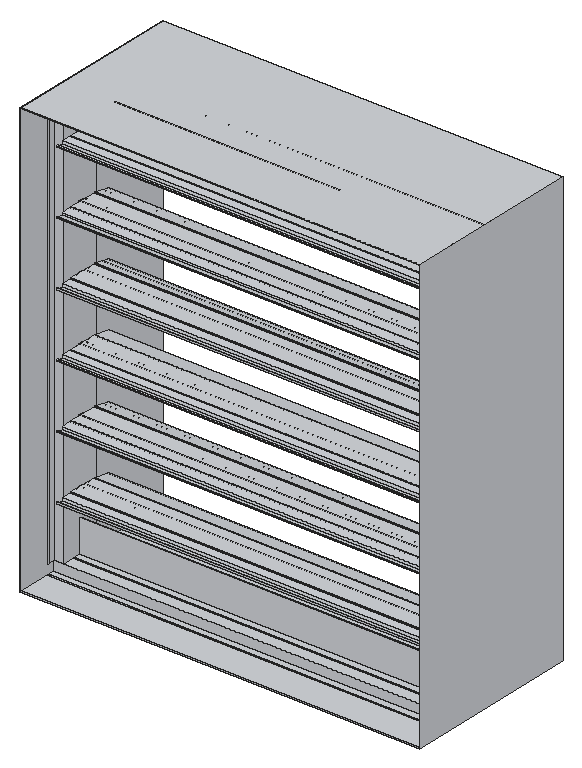
Revit family "FS-AF-I, FS-AF-II", category Mechanical Equipment, Revit 2015
Parameters
  URL = "http://unitedenertech.com/catalog/pdf/B-3%20%20FS-AF-I%20(-3-I)%202014.pdf-color.pdf"
  Type Comments = "Max. Single Section Size is 36\"w x 48\"h, Max. Sizes are (1.5 Hour Vertical 108\"w x 96\"h), (1.5 Hour Horizontal 36\"w x 48\"h), (3 Hour Vertical 72\"w x 96\"h), (3 Hour Horizontal 36\"w x 48\"h)"
  Model = "F/S-AF-I, F/S-AF-II"
  Manufacturer = "United Enertech Corporation"
  Keynote = "FSLF-120 Actuator Shown In the Air Stream, Consult Factory for Out of the Air Stream Placement in Models. See Website for Correct Actuator for Damper Size."
  Exact Width = 3' - 0"
  Exact Height = 3' - 3"
  Description = "Combination Fire/Smoke Damper"
  Depth = 1' - 4"
  Blade Spacing = 0' - 5 3/4"
  Blade Number [instance] = rounddown((Exact Height - 0' 3") / Blade Spacing)  # 6
  BW [instance] = Exact Width - 0' 2 1/2"  # 2' - 9 1/2"
Reference planes (in)
  plane 1 "Center (Front/Back)": y = 0
  plane 2: z = 0
  plane 3 "Center (Left/Right)": x = 0
  plane 4: z = 39
  plane 5: x = -18
  plane 6: x = 18
  plane 7: z = 0.0359
  plane 8: z = 38.9641
  plane 9: x = -17.9641
  plane 10: x = 17.9641
  plane 11: y = 13
  plane 12: y = -3
  plane 13: y = 5
  plane 14: z = 0.9348
  plane 15: z = 38.0293
  plane 16: x = -17.0293
  plane 17: x = 17.0293
  plane 18: y = 4.3098
  plane 19: z = 37.5
  plane 20: z = 35.24218
  plane 21: z = 35.97045
  plane 22: z = 35.35
Forms (in)
  Extrusion 1, solid
    sketch origin (0, 0, 0) x (1, 0, 0) y (0, 0, 1)
      loop
        line (-17.9641, 38.9641) -> (-17.9641, 0.0359) -> (17.9641, 0.0359) -> (17.9641, 38.9641) -> (-17.9641, 38.9641)
      loop
        line (-18, 39) -> (-18, 0) -> (18, 0) -> (18, 39) -> (-18, 39)
    from -13 to 3
  Extrusion 2, solid
    sketch origin (23.93472, -8.11588, 0) x (1, 0, 0) y (0, 1, 0)
      loop
        line (-41.83902, 8.11588) -> (-41.83902, 8.17568) -> (-41.83902, 8.80608) -> (-40.96402, 8.80608) -> (-40.96402, 12.42568) -> (-41.83902, 12.42568) -> (-41.83902, 13.05608) -> (-41.83902, 13.11588) -> (-41.89882, 13.11588) -> (-41.89882, 12.36588) -> (-41.02382, 12.36588) -> (-41.02382, 8.86588) -> (-41.89882, 8.86588) -> (-41.89882, 8.11588) -> (-41.83902, 8.11588)
    from 0.9348 to 38.0293
  Extrusion 3, solid
    sketch origin (31.96104, -8.11588, 36.89882) x (0, 0, 1) y (0, 1, 0)
      loop
        line (-36.83902, 8.17568) -> (-36.83902, 8.80608) -> (-35.96402, 8.80608) -> (-35.96402, 12.42568) -> (-36.83902, 12.42568) -> (-36.83902, 13.05608) -> (-36.83902, 13.11588) -> (-36.89882, 13.11588) -> (-36.89882, 12.36588) -> (-36.02382, 12.36588) -> (-36.02382, 8.86588) -> (-36.89882, 8.86588) -> (-36.89882, 8.11588) -> (-36.83902, 8.11588) -> (-36.83902, 8.17568)
    from 13.99694 to 49.92514
  Extrusion 4, solid
    sketch origin (26.89178, -38.52709, 32.33205) x (0, -1, 0) y (0, 0, -1)
      loop
        line (-41.02709, -5.19725) -> (-41.02709, -5.69725) -> (-40.27709, -5.69725) -> (-40.27709, -5.61625) -> (-40.94609, -5.61625) -> (-40.94609, -5.19725) -> (-41.02709, -5.19725)
    from -43.92108 to -9.86248
  Extrusion 5, solid
    sketch origin (62.39247, 5.64851, 0.33329) x (0, 1, 0) y (0, 0, 1)
      loop
        line (-3.14851, 3.60151) -> (-3.22663, 3.60151) -> (-3.22663, 0.67964) -> (-3.89851, 0.67964) -> (-3.89851, 0.60151) -> (-3.14851, 0.60151) -> (-3.14851, 3.60151)
    from -79.42177 to -45.36317
  Extrusion 6, solid
    sketch origin (-23.93472, -8.11588, 0) x (-1, 0, 0) y (0, -1, 0)
      loop
        line (-41.83902, -8.11588) -> (-41.89882, -8.11588) -> (-41.89882, -8.86588) -> (-41.02382, -8.86588) -> (-41.02382, -12.36588) -> (-41.89882, -12.36588) -> (-41.89882, -13.11588) -> (-41.83902, -13.11588) -> (-41.83902, -13.05608) -> (-41.83902, -12.42568) -> (-40.96402, -12.42568) -> (-40.96402, -8.80608) -> (-41.83902, -8.80608) -> (-41.83902, -8.17568) -> (-41.83902, -8.11588)
    from 0.9348 to 38.0293
  Extrusion 7, solid
    sketch origin (31.96104, -8.11588, 11.06528) x (0, 0, -1) y (0, -1, 0)
      loop
        line (-27.83902, -8.17568) -> (-27.83902, -8.11588) -> (-27.89882, -8.11588) -> (-27.89882, -8.86588) -> (-27.02382, -8.86588) -> (-27.02382, -12.36588) -> (-27.89882, -12.36588) -> (-27.89882, -13.11588) -> (-27.83902, -13.11588) -> (-27.83902, -13.05608) -> (-27.83902, -12.42568) -> (-26.96402, -12.42568) -> (-26.96402, -8.80608) -> (-27.83902, -8.80608) -> (-27.83902, -8.17568)
    from 13.99694 to 49.92514
  Extrusion 8, solid
    sketch origin (0, 0, 0) x (0, 1, 0) y (0, 0, 1)
      loop
        line (7.9528, 35.24218) -> (7.6668, 35.24218)
        arc (7.6668, 35.24218) -> (7.8098, 34.71875) -> (7.9528, 35.24218) r 0.28125
    from -17.9641 to 17.9641
Dimensions and locks (in)
  "Exact Height": plane 4 to level
  equal spacing: plane 5, plane 3 "Center (Left/Right)", plane 6
  "Exact Width": plane 5 to plane 6
  locked: plane 7 to level at 0.0359
  locked: plane 4 to plane 8 at 0.0359
  locked: plane 5 to plane 9 at 0.0359
  locked: plane 10 to plane 6 at 0.0359
  locked: plane 1 "Center (Front/Back)" to plane 12 at 3
  "Depth": plane 11 to plane 12
  locked: plane 1 "Center (Front/Back)" to plane 13 at 5
  locked: plane 14 to level at 0.9348
  locked: plane 8 to plane 15 at 0.9348
  locked: plane 16 to plane 9 at 0.9348
  locked: plane 10 to plane 17 at 0.9348
  locked: plane 13 to plane 18 at 0.6902
  locked: plane 4 to plane 19 at 1.5
  locked: plane 4 to plane 20 at 3.75782
  locked: plane 4 to plane 21 at 3.02955
  locked: plane 4 to plane 22 at 3.65
  equal spacing: group 2, group 3, group 4, group 5, group 6, group 7  (x2)
  equal spacing: group 7, group 6, group 5, group 4, group 3, group 2
  "Blade Spacing": nested 6 to nested 5
  aligned and locked: level to plane 2
  aligned and locked: Extrusion 1 sketch curve to plane 4
  aligned and locked: level to Extrusion 1 sketch curve
  aligned and locked: Extrusion 1 sketch curve to plane 5
  aligned and locked: Extrusion 1 sketch curve to plane 6
  aligned and locked: Extrusion 1 sketch curve to plane 8
  aligned and locked: plane 7 to Extrusion 1 sketch curve
  aligned and locked: plane 10 to Extrusion 1 sketch curve
  aligned and locked: plane 9 to Extrusion 1 sketch curve
  aligned and locked: plane 11 to Extrusion 1
  aligned and locked: Extrusion 1 to plane 12
  aligned and locked: Extrusion 2 to plane 9
  aligned and locked: Extrusion 6 to plane 10
  aligned and locked: Extrusion 3 to plane 9
  aligned and locked: Extrusion 3 to plane 10
  aligned and locked: Extrusion 6 to plane 14
  aligned and locked: Extrusion 2 to plane 14
  aligned and locked: plane 8 to Extrusion 7
  aligned and locked: plane 15 to Extrusion 6
  aligned and locked: plane 15 to Extrusion 2
  aligned and locked: Extrusion 7 to plane 9
  aligned and locked: Extrusion 7 to plane 10
  aligned and locked: Extrusion 5 to plane 16
  aligned and locked: plane 17 to Extrusion 5
  aligned and locked: Extrusion 7 to plane 15
  aligned and locked: plane 15 to Extrusion 4
  aligned and locked: Extrusion 4 to plane 16
  aligned and locked: plane 17 to Extrusion 4
  aligned and locked: nested 2 to plane 10
  aligned and locked: plane 9 to nested 3
  aligned and locked: nested 3 to plane 18
  aligned and locked: plane 18 to nested 2
  aligned and locked: Extrusion 8 to plane 10
  aligned and locked: Extrusion 8 to plane 9
  aligned and locked: nested 3 to plane 19
  aligned and locked: plane 19 to nested 2
  aligned and locked: plane 20 to Extrusion 8
  aligned and locked: plane 17 to nested 4
  aligned and locked: plane 21 to nested 4
  aligned and locked: plane 3 "Center (Left/Right)" to nested 5
  aligned and locked: plane 22 to nested 5
Automatic sketch dimensions
  Extrusion 2 sketch curve to plane 9 = 0' - 0"  (x2)
  plane 1 "Center (Front/Back)" to Extrusion 2 sketch curve = 0' - 0"
  plane 13 to Extrusion 2 sketch curve = 0' - 0"
  plane 9 to Extrusion 2 sketch curve = 0' - 0.0598"  (x2)
  Extrusion 2 sketch curve to Extrusion 2 sketch curve = 0' - 0.8152"
  Extrusion 2 sketch curve to Extrusion 2 sketch curve = 0' - 0.0598"  (x4)
  Extrusion 2 sketch curve to plane 1 "Center (Front/Back)" = 0' - 0.0598"
  Extrusion 2 sketch curve to Extrusion 2 sketch curve = 0' - 0.6304"
  Extrusion 2 sketch curve to Extrusion 2 sketch curve = 0' - 0 3/4"
  Extrusion 3 sketch curve to level = 0' - 0"  (x2)
  Extrusion 3 sketch curve to plane 1 "Center (Front/Back)" = 0' - 0"
  Extrusion 3 sketch curve to plane 13 = 0' - 0"
  Extrusion 3 sketch curve to plane 14 = 0' - 0"
  plane 7 to Extrusion 3 sketch curve = 0' - 0.0239"  (x2)
  Extrusion 3 sketch curve to plane 14 = 0' - 0.0598"
  Extrusion 3 sketch curve to plane 1 "Center (Front/Back)" = 0' - 0.0598"
  Extrusion 3 sketch curve to Extrusion 3 sketch curve = 0' - 0.6304"
  Extrusion 3 sketch curve to Extrusion 3 sketch curve = 0' - 0.0598"  (x2)
  plane 13 to Extrusion 3 sketch curve = 0' - 0 3/4"
  plane 13 to Extrusion 3 sketch curve = 0' - 0.0598"
  Extrusion 4 sketch curve to plane 8 = 0' - 1.4348"
  plane 12 to Extrusion 4 sketch curve = 0' - 5 1/2"
  Extrusion 4 sketch curve to Extrusion 4 sketch curve = 0' - 0.081"  (x2)
  Extrusion 4 sketch curve to Extrusion 4 sketch curve = 0' - 0.669"
  Extrusion 4 sketch curve to Extrusion 4 sketch curve = 0' - 0.419"
  Extrusion 5 sketch curve to plane 14 = 0' - 0"
  plane 14 to Extrusion 5 sketch curve = 0' - 0 5/64"
  plane 12 to Extrusion 5 sketch curve = 0' - 4 3/4"
  Extrusion 5 sketch curve to Extrusion 5 sketch curve = 0' - 0 43/64"
  Extrusion 5 sketch curve to Extrusion 5 sketch curve = 0' - 0 5/64"
  Extrusion 5 sketch curve to Extrusion 5 sketch curve = 0' - 2 59/64"
  Extrusion 6 sketch curve to plane 10 = 0' - 0"  (x2)
  plane 1 "Center (Front/Back)" to Extrusion 6 sketch curve = 0' - 0"
  plane 13 to Extrusion 6 sketch curve = 0' - 0"
  Extrusion 6 sketch curve to plane 10 = 0' - 0.0598"  (x2)
  Extrusion 6 sketch curve to Extrusion 6 sketch curve = 0' - 0.8152"
  Extrusion 6 sketch curve to Extrusion 6 sketch curve = 0' - 0.0598"  (x3)
  plane 1 "Center (Front/Back)" to Extrusion 6 sketch curve = 0' - 0.0598"
  Extrusion 6 sketch curve to Extrusion 6 sketch curve = 0' - 0.6304"
  Extrusion 6 sketch curve to plane 13 = 0' - 0 3/4"
  Extrusion 6 sketch curve to plane 13 = 0' - 0.0598"
  Extrusion 7 sketch curve to plane 1 "Center (Front/Back)" = 0' - 0"
  Extrusion 7 sketch curve to plane 13 = 0' - 0"
  plane 13 to Extrusion 7 sketch curve = 0' - 0 3/4"
  Extrusion 7 sketch curve to plane 8 = 0' - 0"
  Extrusion 7 sketch curve to Extrusion 7 sketch curve = 0' - 0"
  Extrusion 7 sketch curve to Extrusion 7 sketch curve = 0' - 0.0598"  (x6)
  Extrusion 7 sketch curve to Extrusion 7 sketch curve = 0' - 0.8152"
  Extrusion 7 sketch curve to plane 1 "Center (Front/Back)" = 0' - 0 3/4"
  Extrusion 7 sketch curve to plane 1 "Center (Front/Back)" = 0' - 0.0598"
  Extrusion 8 sketch curve to plane 13 = 0' - 2.8098"
  Extrusion 8 sketch curve to Extrusion 8 sketch curve = 0' - 0.143"
  Extrusion 8 sketch curve to plane 20 = 0' - 0"
  Extrusion 8 sketch curve to plane 20 = 0' - 0 31/128"
Nested families (in)
  nested 1: "160BL" at (62.39247, -25.11688, 30.67097), type "160BL", not visible
    with Blade Width 2' - 9 1/2"
  nested 2: "Fire Smoke Actuator Bracket" at (18.23913, 4.3098, 36.56141) x (0, 0, 1) z (0, 1, 0), type "Fire Smoke Actuator Bracket"
  nested 3: "Fire Smoke Actuator Bracket" at (-18.23913, 4.3098, 36.56141) x (0, 0, 1) z (0, 1, 0), type "Fire Smoke Actuator Bracket"
  nested 4: "FSLF-120" at (14.8204, 12.99816, 27.76305), type "FSLF-120"
  nested 5: "160BL" at (0, 2.25202, 33.74365), type "160BL"
    with Blade Width 2' - 9 1/2"
  nested 6: "160BL" at (0, 2.25202, 27.99365), type "160BL"
    with Blade Width 2' - 9 1/2"
  nested 7: "160BL" at (0, 2.25202, 22.24365), type "160BL"
    with Blade Width 2' - 9 1/2"
  nested 8: "160BL" at (0, 2.25202, 16.49365), type "160BL"
    with Blade Width 2' - 9 1/2"
  nested 9: "160BL" at (0, 2.25202, 10.74365), type "160BL"
    with Blade Width 2' - 9 1/2"
  nested 10: "160BL" at (0, 2.25202, 4.99365), type "160BL"
    with Blade Width 2' - 9 1/2"
Definition of nested family "160BL"
  Parameters (values of type "160BL")
    Blade Width = 2' - 0"
  Reference planes (in)
    plane 1 "Center (Front/Back)": y = 0
    plane 2: z = 0
    plane 3 "Center (Left/Right)": x = 0
    plane 4: x = -12
    plane 5: x = 12
    plane 6: x = 13
    plane 7: x = 10
    plane 8: x = -10
    plane 9: x = -13
  Forms (in)
    Extrusion 1, solid
      sketch origin (-29.66395, -41.88595, -4.51752) x (0, -1, 0) y (0, 0, -1)
        loop
          line (-42.3214, -5.69562) -> (-42.3214, -6.04405) -> (-41.94647, -6.04405) -> (-41.94647, -5.69562) -> (-42.3214, -5.69562)
      from 39.66395 to 42.66395
    Extrusion 2, solid
      sketch origin (-29.66395, -42.01854, -6.8342) x (0, -1, 0) y (0, 0, -1)
        loop
          line (-43.46599, -7.97904) -> (-43.51899, -7.97904) -> (-43.51899, -8.39235) -> (-42.90411, -8.41377) -> (-42.50696, -8.41377) -> (-42.50696, -8.36074) -> (-42.90411, -8.36074) -> (-43.46599, -8.34116) -> (-43.46599, -7.97904)
      from 17.66395 to 41.66395
    Extrusion 3, solid
      sketch origin (-29.66395, -42.01854, -6.8342) x (0, -1, 0) y (0, 0, -1)
        loop
          line (-43.41296, -8.32667) -> (-43.41296, -8.03022) -> (-42.89933, -8.01224) -> (-42.50696, -8.01224) -> (-42.50696, -8.41377) -> (-42.02598, -8.41377) -> (-42.02598, -8.0123) -> (-41.62883, -8.0123) -> (-41.11996, -8.03003) -> (-41.11996, -8.32648) -> (-41.06699, -8.32648) -> (-41.06699, -7.97904) -> (-41.63442, -7.95927) -> (-42.07906, -7.95927) -> (-42.07906, -8.36074) -> (-42.45398, -8.36074) -> (-42.45398, -7.95927) -> (-42.90119, -7.95927) -> (-43.46596, -7.97904) -> (-43.46596, -8.32667) -> (-43.41296, -8.32667)
      from 17.66395 to 41.66395
    Extrusion 4, solid
      sketch origin (-29.66395, -42.01854, -6.8342) x (0, -1, 0) y (0, 0, -1)
        loop
          line (-42.45398, -7.95927) -> (-42.45398, -8.01224) -> (-42.07906, -8.01224) -> (-42.07906, -7.95927) -> (-42.45398, -7.95927)
      from 17.66395 to 41.66395
    Extrusion 5, solid
      sketch origin (-29.66395, -42.01854, -6.8342) x (0, -1, 0) y (0, 0, -1)
        loop
          line (-41.06705, -7.97904) -> (-41.06705, -8.34116) -> (-41.62893, -8.36074) -> (-42.02598, -8.36074) -> (-42.02598, -8.41377) -> (-41.62893, -8.41377) -> (-41.01405, -8.39235) -> (-41.01405, -7.97904) -> (-41.06705, -7.97904)
      from 17.66395 to 41.66395
    Extrusion 6, solid
      sketch origin (-29.66395, -42.01854, -6.8342) x (0, -1, 0) y (0, 0, -1)
        loop
          line (-45.11444, -8.04212) -> (-45.14143, -8.06102) -> (-45.14143, -8.15472) -> (-43.65311, -8.44766) -> (-43.61881, -8.3631) -> (-43.58593, -8.44056) -> (-40.94517, -8.44056) -> (-40.91325, -8.36156) -> (-40.87962, -8.44109) -> (-40.06454, -8.37558) -> (-40.01199, -8.16476) -> (-39.44168, -8.27557) -> (-39.41851, -8.2524) -> (-40.03184, -8.13323) -> (-40.08641, -8.35172) -> (-40.86, -8.41376) -> (-40.88095, -8.33556) -> (-40.94478, -8.33556) -> (-40.96652, -8.41377) -> (-43.56615, -8.41377) -> (-43.58705, -8.33578) -> (-43.65168, -8.33578) -> (-43.67323, -8.41619) -> (-45.11444, -8.13252) -> (-45.11444, -8.04212)
      from 17.66395 to 41.66395
    Extrusion 7, solid
      sketch origin (-29.66395, 42.51351, 9.53877) x (0, 1, 0) y (0, 0, 1)
        loop
          line (-45.11444, -8.04212) -> (-45.14143, -8.06102) -> (-45.14143, -8.15472) -> (-43.65311, -8.44766) -> (-43.61881, -8.3631) -> (-43.58593, -8.44056) -> (-40.94517, -8.44056) -> (-40.91325, -8.36156) -> (-40.87962, -8.44109) -> (-40.06454, -8.37558) -> (-40.01199, -8.16476) -> (-39.44168, -8.27557) -> (-39.41851, -8.2524) -> (-40.03184, -8.13323) -> (-40.08641, -8.35172) -> (-40.86, -8.41376) -> (-40.88095, -8.33556) -> (-40.94478, -8.33556) -> (-40.96652, -8.41377) -> (-43.56615, -8.41377) -> (-43.58705, -8.33578) -> (-43.65168, -8.33578) -> (-43.67323, -8.41619) -> (-45.11444, -8.13252) -> (-45.11444, -8.04212)
      from 17.66395 to 41.66395
    Extrusion 8, solid
      sketch origin (-63.16395, -41.88595, -4.51752) x (0, -1, 0) y (0, 0, -1)
        loop
          line (-42.3214, -5.69562) -> (-42.3214, -6.04405) -> (-41.94647, -6.04405) -> (-41.94647, -5.69562) -> (-42.3214, -5.69562)
      from 50.16395 to 53.16395
  Dimensions and locks (in)
    equal spacing: plane 4, plane 3 "Center (Left/Right)", plane 5
    "Blade Width": plane 4 to plane 5
    locked: plane 7 to plane 5 at 2
    locked: plane 5 to plane 6 at 1
    locked: plane 4 to plane 8 at 2
    locked: plane 9 to plane 4 at 1
    aligned and locked: level to plane 2
    aligned and locked: plane 5 to Extrusion 6
    aligned and locked: plane 5 to Extrusion 7
    aligned and locked: plane 5 to Extrusion 5
    aligned and locked: plane 5 to Extrusion 3
    aligned and locked: plane 5 to Extrusion 2
    aligned and locked: Extrusion 1 to plane 6
    aligned and locked: plane 5 to Extrusion 4
    aligned and locked: plane 7 to Extrusion 1
    aligned and locked: Extrusion 8 to plane 9
    aligned and locked: Extrusion 8 to plane 8
    aligned and locked: plane 4 to Extrusion 6
    aligned and locked: plane 4 to Extrusion 7
    aligned and locked: plane 4 to Extrusion 2
    aligned and locked: plane 4 to Extrusion 3
    aligned and locked: plane 4 to Extrusion 5
    aligned and locked: plane 4 to Extrusion 4
  Automatic sketch dimensions
    Extrusion 1 sketch curve to plane 1 "Center (Front/Back)" = 0' - 0.43545"
    Extrusion 1 sketch curve to plane 1 "Center (Front/Back)" = 0' - 0.06052"
    level to Extrusion 1 sketch curve = 0' - 1.52654"
    Extrusion 1 sketch curve to Extrusion 1 sketch curve = 0' - 0.34843"
    Extrusion 2 sketch curve to plane 1 "Center (Front/Back)" = 0' - 1.50045"
    Extrusion 2 sketch curve to Extrusion 2 sketch curve = 0' - 0.053"
    Extrusion 2 sketch curve to Extrusion 2 sketch curve = 0' - 0.56188"
    Extrusion 2 sketch curve to Extrusion 2 sketch curve = 0' - 0"
    Extrusion 2 sketch curve to Extrusion 2 sketch curve = 0' - 0.39715"
    level to Extrusion 2 sketch curve = 0' - 1.57957"
    Extrusion 2 sketch curve to Extrusion 2 sketch curve = 0' - 0.02142"
    Extrusion 2 sketch curve to Extrusion 2 sketch curve = 0' - 0.05303"
    Extrusion 2 sketch curve to Extrusion 2 sketch curve = 0' - 0.05119"
    Extrusion 2 sketch curve to Extrusion 2 sketch curve = 0' - 0.36212"
    Extrusion 3 sketch curve to plane 1 "Center (Front/Back)" = 0' - 1.44742"
    Extrusion 3 sketch curve to Extrusion 3 sketch curve = 0' - 0.053"
    Extrusion 3 sketch curve to Extrusion 3 sketch curve = 0' - 0.51177"
    Extrusion 3 sketch curve to Extrusion 3 sketch curve = 0' - 0.00185"
    Extrusion 3 sketch curve to plane 1 "Center (Front/Back)" = 0' - 0.48842"
    Extrusion 3 sketch curve to Extrusion 3 sketch curve = 0' - 0.05297"  (x3)
    Extrusion 3 sketch curve to plane 1 "Center (Front/Back)" = 0' - 0.06052"
    Extrusion 3 sketch curve to plane 1 "Center (Front/Back)" = 0' - 0.00745"
    plane 1 "Center (Front/Back)" to Extrusion 3 sketch curve = 0' - 0.38411"
    Extrusion 3 sketch curve to Extrusion 3 sketch curve = 0' - 0.00559"
    Extrusion 3 sketch curve to Extrusion 3 sketch curve = 0' - 0.50887"
    level to Extrusion 3 sketch curve = 0' - 1.57957"
    Extrusion 3 sketch curve to Extrusion 3 sketch curve = 0' - 0.05303"  (x2)
    Extrusion 3 sketch curve to Extrusion 3 sketch curve = 0' - 0.0871"
    Extrusion 3 sketch curve to Extrusion 3 sketch curve = 0' - 0.08729"
    Extrusion 3 sketch curve to Extrusion 3 sketch curve = 0' - 0.29645"  (x2)
    Extrusion 3 sketch curve to Extrusion 3 sketch curve = 0' - 0.34843"
    Extrusion 3 sketch curve to Extrusion 3 sketch curve = 0' - 0.01798"
    Extrusion 3 sketch curve to Extrusion 3 sketch curve = 0' - 0.05099"
    Extrusion 3 sketch curve to Extrusion 3 sketch curve = 0' - 0.05118"
    Extrusion 4 sketch curve to plane 1 "Center (Front/Back)" = 0' - 0.43545"
    Extrusion 4 sketch curve to plane 1 "Center (Front/Back)" = 0' - 0.06052"
    level to Extrusion 4 sketch curve = 0' - 1.17804"
    Extrusion 4 sketch curve to Extrusion 4 sketch curve = 0' - 0.05297"
    Extrusion 5 sketch curve to plane 1 "Center (Front/Back)" = 0' - 0.00745"
    plane 1 "Center (Front/Back)" to Extrusion 5 sketch curve = 0' - 0.3896"
    Extrusion 5 sketch curve to Extrusion 5 sketch curve = 0' - 0"
    Extrusion 5 sketch curve to Extrusion 5 sketch curve = 0' - 0.56188"
    Extrusion 5 sketch curve to Extrusion 5 sketch curve = 0' - 0.053"
    level to Extrusion 5 sketch curve = 0' - 1.57957"
    Extrusion 5 sketch curve to Extrusion 5 sketch curve = 0' - 0.02142"
    Extrusion 5 sketch curve to Extrusion 5 sketch curve = 0' - 0.05303"
    Extrusion 5 sketch curve to Extrusion 5 sketch curve = 0' - 0.05119"
    Extrusion 5 sketch curve to Extrusion 5 sketch curve = 0' - 0.36212"
    level to Extrusion 6 sketch curve = 0' - 1.32052"
    Extrusion 6 sketch curve to plane 1 "Center (Front/Back)" = 0' - 3.12289"
    level to Extrusion 6 sketch curve = 0' - 1.20792"
    Extrusion 6 sketch curve to Extrusion 6 sketch curve = 0' - 0.02699"
    Extrusion 6 sketch curve to Extrusion 6 sketch curve = 0' - 1.44121"
    Extrusion 6 sketch curve to Extrusion 6 sketch curve = 0' - 0.02012"
    Extrusion 6 sketch curve to Extrusion 6 sketch curve = 0' - 0.02155"
    Extrusion 6 sketch curve to Extrusion 6 sketch curve = 0' - 0.03287"
    Extrusion 6 sketch curve to Extrusion 6 sketch curve = 0' - 0.03176"
    Extrusion 6 sketch curve to Extrusion 6 sketch curve = 0' - 0.06717"
    Extrusion 6 sketch curve to Extrusion 6 sketch curve = 0' - 0.01978"
    plane 1 "Center (Front/Back)" to Extrusion 6 sketch curve = 0' - 1.05202"
    Extrusion 6 sketch curve to Extrusion 6 sketch curve = 0' - 0.02136"
    Extrusion 6 sketch curve to Extrusion 6 sketch curve = 0' - 0.02174"
    Extrusion 6 sketch curve to Extrusion 6 sketch curve = 0' - 0.03153"  (x2)
    Extrusion 6 sketch curve to Extrusion 6 sketch curve = 0' - 0.0323"
    Extrusion 6 sketch curve to Extrusion 6 sketch curve = 0' - 0.06554"
    Extrusion 6 sketch curve to Extrusion 6 sketch curve = 0' - 0.01963"
    Extrusion 6 sketch curve to Extrusion 6 sketch curve = 0' - 0.77359"
    Extrusion 6 sketch curve to Extrusion 6 sketch curve = 0' - 0.02187"
    Extrusion 6 sketch curve to Extrusion 6 sketch curve = 0' - 0.05457"
    Extrusion 6 sketch curve to Extrusion 6 sketch curve = 0' - 0.01985"
    Extrusion 6 sketch curve to Extrusion 6 sketch curve = 0' - 0 73/128"
    Extrusion 6 sketch curve to Extrusion 6 sketch curve = 0' - 0.02317"  (x2)
    level to Extrusion 6 sketch curve = 0' - 1.33056"
    Extrusion 6 sketch curve to Extrusion 6 sketch curve = 0' - 0.08764"
    Extrusion 6 sketch curve to Extrusion 6 sketch curve = 0' - 0.1708"
    level to Extrusion 6 sketch curve = 0' - 1.50158"
    Extrusion 6 sketch curve to Extrusion 6 sketch curve = 0' - 0.18696"
    Extrusion 6 sketch curve to Extrusion 6 sketch curve = 0' - 0.02601"
    Extrusion 6 sketch curve to Extrusion 6 sketch curve = 0' - 0 7/256"  (x2)
    Extrusion 6 sketch curve to Extrusion 6 sketch curve = 0' - 0.02386"
    Extrusion 6 sketch curve to Extrusion 6 sketch curve = 0' - 0.05219"
    Extrusion 6 sketch curve to Extrusion 6 sketch curve = 0' - 0.05067"
    Extrusion 6 sketch curve to Extrusion 6 sketch curve = 0' - 0.05309"
    Extrusion 6 sketch curve to Extrusion 6 sketch curve = 0' - 0.02679"
    Extrusion 6 sketch curve to Extrusion 6 sketch curve = 0' - 0.03147"
    Extrusion 6 sketch curve to Extrusion 6 sketch curve = 0' - 0.0222"
    Extrusion 6 sketch curve to Extrusion 6 sketch curve = 0' - 0.0189"
    plane 1 "Center (Front/Back)" to Extrusion 7 sketch curve = 0' - 2.62792"
    Extrusion 7 sketch curve to Extrusion 7 sketch curve = 0' - 0.02699"
    plane 1 "Center (Front/Back)" to Extrusion 7 sketch curve = 0' - 1.15972"
    Extrusion 7 sketch curve to Extrusion 7 sketch curve = 0' - 0.02012"
    Extrusion 7 sketch curve to Extrusion 7 sketch curve = 0' - 0.02155"
    Extrusion 7 sketch curve to Extrusion 7 sketch curve = 0' - 0.03287"
    Extrusion 7 sketch curve to Extrusion 7 sketch curve = 0' - 0.03176"
    Extrusion 7 sketch curve to Extrusion 7 sketch curve = 0' - 0.06717"
    Extrusion 7 sketch curve to Extrusion 7 sketch curve = 0' - 0.01978"
    Extrusion 7 sketch curve to plane 1 "Center (Front/Back)" = 0' - 1.54699"
    Extrusion 7 sketch curve to Extrusion 7 sketch curve = 0' - 0.02136"
    Extrusion 7 sketch curve to Extrusion 7 sketch curve = 0' - 0.02174"
    Extrusion 7 sketch curve to Extrusion 7 sketch curve = 0' - 0.03153"  (x2)
    Extrusion 7 sketch curve to Extrusion 7 sketch curve = 0' - 0.0323"
    Extrusion 7 sketch curve to Extrusion 7 sketch curve = 0' - 0.06554"
    Extrusion 7 sketch curve to Extrusion 7 sketch curve = 0' - 0.01963"
    level to Extrusion 7 sketch curve = 0' - 1.18705"
    Extrusion 7 sketch curve to Extrusion 7 sketch curve = 0' - 0.77359"
    level to Extrusion 7 sketch curve = 0' - 1.16319"
    Extrusion 7 sketch curve to Extrusion 7 sketch curve = 0' - 0.02187"
    Extrusion 7 sketch curve to Extrusion 7 sketch curve = 0' - 0.05457"
    Extrusion 7 sketch curve to Extrusion 7 sketch curve = 0' - 0.01985"
    level to Extrusion 7 sketch curve = 0' - 1.2632"
    Extrusion 7 sketch curve to Extrusion 7 sketch curve = 0' - 0 73/128"
    level to Extrusion 7 sketch curve = 0' - 1.28637"
    Extrusion 7 sketch curve to Extrusion 7 sketch curve = 0' - 0.02317"
    Extrusion 7 sketch curve to Extrusion 7 sketch curve = 0' - 0.06204"
    level to Extrusion 7 sketch curve = 0' - 1 1/8"
    Extrusion 7 sketch curve to Extrusion 7 sketch curve = 0' - 0.00242"
    Extrusion 7 sketch curve to Extrusion 7 sketch curve = 0' - 0.02679"
    Extrusion 7 sketch curve to Extrusion 7 sketch curve = 0' - 0 7/256"  (x2)
    Extrusion 7 sketch curve to Extrusion 7 sketch curve = 0' - 0.03147"
    Extrusion 7 sketch curve to Extrusion 7 sketch curve = 0' - 0.05067"
    Extrusion 7 sketch curve to Extrusion 7 sketch curve = 0' - 0.05219"
    Extrusion 7 sketch curve to Extrusion 7 sketch curve = 0' - 0.02601"
    Extrusion 7 sketch curve to Extrusion 7 sketch curve = 0' - 0.18696"
    level to Extrusion 7 sketch curve = 0' - 1.38405"
    Extrusion 7 sketch curve to Extrusion 7 sketch curve = 0' - 0.0222"
    Extrusion 7 sketch curve to Extrusion 7 sketch curve = 0' - 0.07151"
    Extrusion 7 sketch curve to Extrusion 7 sketch curve = 0' - 0.0189"
    Extrusion 8 sketch curve to plane 1 "Center (Front/Back)" = 0' - 0.43545"
    Extrusion 8 sketch curve to plane 1 "Center (Front/Back)" = 0' - 0.06052"
    level to Extrusion 8 sketch curve = 0' - 1.52654"
    Extrusion 8 sketch curve to Extrusion 8 sketch curve = 0' - 0.34843"
Definition of nested family "Fire Smoke Actuator Bracket"
  Reference planes (in)
    plane 1 "Center (Front/Back)": y = 0
    plane 2: z = 0
    plane 3 "Center (Left/Right)": x = 0
  Forms (in)
    Extrusion 1, solid
      sketch origin (54.09185, -14.49387, 0) x (1, 0, 0) y (0, 1, 0)
        loop
          line (-53.15326, 14.21883) -> (-53.90326, 14.21883) -> (-53.90326, 14.00399) -> (-57.40326, 14.00399) -> (-57.40326, 14.21883) -> (-58.15326, 14.21883) -> (-58.15326, 14.18293) -> (-57.43842, 14.18293) -> (-57.43842, 13.96883) -> (-53.8681, 13.96883) -> (-53.8681, 14.18293) -> (-53.15326, 14.18293) -> (-53.15326, 14.21883)
      from 0 to 5
    Extrusion 2, void
      sketch origin (0, 0, 0) x (1, 0, 0) y (0, 0, 1)
        loop
          circle (-1.56141, 3.5) r 0.28125
      from 0 to 1.04299
  Cuts and joins
    Extrusion 2 cuts Extrusion 1
  Dimensions and locks (in)
    aligned and locked: level to plane 2
Definition of nested family "FSLF-120"
  Reference planes (in)
    plane 1 "Center (Front/Back)": y = 0
    plane 2: z = 0
    plane 3 "Center (Left/Right)": x = 0
  Forms (in)
    Extrusion 1, solid
      sketch origin (0, 0, 0) x (0, 1, 0) y (0, 0, 1)
        loop
          arc (-3.58331, 2.09938) -> (-3.44059, 2.1585) -> (-3.38147, 2.30122) r 0.20184
          line (-3.38147, 2.30122) -> (-3.38147, 7.89928)
          arc (-3.38147, 7.89928) -> (-3.44059, 8.042) -> (-3.58331, 8.10111) r 0.20184
          line (-3.58331, 8.10111) -> (-6.82752, 8.10111)
          arc (-6.82752, 8.10111) -> (-6.97024, 8.042) -> (-7.02936, 7.89928) r 0.20184
          line (-7.02936, 7.89928) -> (-7.02936, 2.30122)
          arc (-7.02936, 2.30122) -> (-6.97024, 2.1585) -> (-6.82752, 2.09938) r 0.20184
          line (-6.82752, 2.09938) -> (-3.58331, 2.09938)
        loop
          circle (-4.59401, 4.1698) r 0.10344
        loop
          circle (-5.18836, 7.24712) r 0.27109
      from 0 to 2.0647
    Extrusion 2, solid
      sketch origin (0, 0, 0) x (0, 1, 0) y (0, 0, 1)
        loop
          line (-5.07889, 1.84303) -> (-5.07889, 1.35428)
          arc (-5.07889, 1.35428) -> (-4.1161, 1.55637) -> (-3.27519, 2.06694) r 2.91799
          line (-3.27519, 2.06694) -> (-3.27519, 7.89928)
          arc (-3.27519, 7.89928) -> (-3.36543, 8.11715) -> (-3.58331, 8.2074) r 0.30812
          line (-3.58331, 8.2074) -> (-6.82752, 8.2074)
          arc (-6.82752, 8.2074) -> (-7.0454, 8.11715) -> (-7.13564, 7.89928) r 0.30812
          line (-7.13564, 7.89928) -> (-7.13564, 2.09702)
          arc (-7.13564, 2.09702) -> (-6.28174, 1.56481) -> (-5.29782, 1.35428) r 2.91799
          line (-5.29782, 1.35428) -> (-5.29782, 1.84303)
          arc (-5.29782, 1.84303) -> (-5.18836, 1.95249) -> (-5.07889, 1.84303) r 0.10947
        loop
          circle (-4.59401, 4.1698) r 0.28363
        loop
          circle (-5.18836, 7.24712) r 0.27109
      from 0 to -0.1442
    Extrusion 3, solid
      sketch origin (0, 0, 0) x (0, 1, 0) y (0, 0, 1)
        loop
          line (-5.07889, 1.84303) -> (-5.07889, 1.35428)
          arc (-5.07889, 1.35428) -> (-4.1161, 1.55637) -> (-3.27519, 2.06694) r 2.91799
          line (-3.27519, 2.06694) -> (-3.27519, 7.89928)
          arc (-3.27519, 7.89928) -> (-3.36543, 8.11715) -> (-3.58331, 8.2074) r 0.30812
          line (-3.58331, 8.2074) -> (-6.82752, 8.2074)
          arc (-6.82752, 8.2074) -> (-7.0454, 8.11715) -> (-7.13564, 7.89928) r 0.30812
          line (-7.13564, 7.89928) -> (-7.13564, 2.09702)
          arc (-7.13564, 2.09702) -> (-6.28174, 1.56481) -> (-5.29782, 1.35428) r 2.91799
          line (-5.29782, 1.35428) -> (-5.29782, 1.84303)
          arc (-5.29782, 1.84303) -> (-5.18836, 1.95249) -> (-5.07889, 1.84303) r 0.10947
        loop
          circle (-4.59401, 4.1698) r 0.28363
        loop
          circle (-5.18836, 7.24712) r 0.27109
      from 2.2089 to 2.0647
    Revolve 4, solid
      sketch origin (0.70002, 0, 0) x (0, 1, 0) y (0, 0, 1)
        loop
          line (-4.0031, 0.95098) -> (-3.92703, 0.95098) -> (-3.92703, 1.1774) -> (-3.48966, 1.1774) -> (-3.48966, 2.15927) -> (-4.0031, 2.15927) -> (-4.0031, 0.95098)
        axis (-4.0031, 0.95098) -> (-4.0031, 2.15927)
      angle from 0 to 360
    Revolve 5, solid
      sketch origin (0.70002, -10.37672, 0) x (0, -1, 0) y (0, 0, -1)
        loop
          line (-4.0031, -0.95098) -> (-4.0031, -2.15927) -> (-3.48966, -2.15927) -> (-3.48966, -1.1774) -> (-3.92703, -1.1774) -> (-3.92703, -0.95098) -> (-4.0031, -0.95098)
        axis (-4.0031, -0.95098) -> (-4.0031, -2.15927)
      angle from 0 to 360
    Extrusion 6, solid
      sketch origin (0, 0, 0) x (0, 1, 0) y (0, 0, 1)
        loop
          circle (-5.18836, 7.24712) r 0.54048
        loop
          circle (-5.18836, 7.24712) r 0.27109
      from 2.4389 to -0.3742
    Extrusion 7, solid
      sketch origin (0, 0, 0) x (0, 1, 0) y (0, 0, 1)
        loop
          line (-3.91306, 6.71864) -> (-3.7518, 6.90501) -> (-4.82025, 7.82944)
          arc (-4.82025, 7.82944) -> (-4.90724, 7.87836) -> (-5.00644, 7.88936) r 0.25
          line (-5.00644, 7.88936) -> (-5.62705, 7.83298)
          arc (-5.62705, 7.83298) -> (-5.79594, 7.74469) -> (-5.85355, 7.56303) r 0.25
          line (-5.85355, 7.56303) -> (-5.80333, 6.9664)
          arc (-5.80333, 6.9664) -> (-5.77611, 6.8722) -> (-5.71475, 6.79572) r 0.25
          line (-5.71475, 6.79572) -> (-4.62328, 5.88139) -> (-4.46502, 6.07031) -> (-5.47779, 6.9187)
          arc (-5.47779, 6.9187) -> (-5.53914, 6.99518) -> (-5.56637, 7.08938) r 0.25
          line (-5.56637, 7.08938) -> (-5.58744, 7.33975)
          arc (-5.58744, 7.33975) -> (-5.52983, 7.52141) -> (-5.36094, 7.60969) r 0.25
          line (-5.36094, 7.60969) -> (-5.08847, 7.63444)
          arc (-5.08847, 7.63444) -> (-4.98927, 7.62345) -> (-4.90228, 7.57453) r 0.25
          line (-4.90228, 7.57453) -> (-3.91306, 6.71864)
      from -0.45408 to -0.64826
    Extrusion 8, solid
      sketch origin (0, 0, 0) x (0, 1, 0) y (0, 0, 1)
        loop
          line (-4.84561, 5.92964) -> (-3.84342, 7.12404) -> (-3.96137, 7.30719) -> (-4.09731, 7.46769)
          arc (-4.09731, 7.46769) -> (-4.29911, 7.57665) -> (-4.45285, 7.74683) r 0.67563
          arc (-4.45285, 7.74683) -> (-4.52455, 7.65639) -> (-4.6158, 7.58572) r 0.47899
          line (-4.6158, 7.58572) -> (-4.72882, 7.47247)
          arc (-4.72882, 7.47247) -> (-4.85345, 6.98422) -> (-5.32567, 6.80835) r 0.54335
          line (-5.32567, 6.80835) -> (-5.42625, 6.68392)
          arc (-5.42625, 6.68392) -> (-5.48681, 6.58567) -> (-5.56911, 6.50475) r 0.47899
          arc (-5.56911, 6.50475) -> (-5.38353, 6.37) -> (-5.25372, 6.18093) r 0.67563
          line (-5.25372, 6.18093) -> (-5.03529, 5.99894) -> (-4.84561, 5.92964)
      from -0.78829 to -0.7065
    Extrusion 9, solid
      sketch origin (0, 0, 0) x (0, 1, 0) y (0, 0, 1)
        loop
          line (-4.84561, 5.92964) -> (-3.84342, 7.12404) -> (-3.87926, 7.17969) -> (-4.90878, 5.95271) -> (-4.84561, 5.92964)
      from -0.7065 to -0.1442
  Lines and regions (in)
    model lines
      curve 1: arc (0, -4.09731, 7.46769) -> (0, -4.29911, 7.57665) -> (0, -4.45285, 7.74683) r 0.67563
      curve 2: arc (0, -4.45285, 7.74683) -> (0, -4.52455, 7.65639) -> (0, -4.6158, 7.58572) r 0.47899
      curve 3: arc (0, -5.56911, 6.50475) -> (0, -5.38353, 6.37) -> (0, -5.25372, 6.18093) r 0.67563
      curve 4: arc (0, -5.42625, 6.68392) -> (0, -5.48681, 6.58567) -> (0, -5.56911, 6.50475) r 0.47899
      curve 5: arc (0, -4.72882, 7.47247) -> (0, -4.85345, 6.98422) -> (0, -5.32567, 6.80835) r 0.54335
      curve 6: arc (0, -5.08847, 7.63444) -> (0, -4.98927, 7.62345) -> (0, -4.90228, 7.57453) r 0.25
      curve 7: arc (0, -5.00644, 7.88936) -> (0, -4.90724, 7.87836) -> (0, -4.82025, 7.82944) r 0.25
      curve 8: arc (0, -5.47779, 6.9187) -> (0, -5.53914, 6.99518) -> (0, -5.56637, 7.08938) r 0.25
      curve 9: arc (0, -5.58744, 7.33975) -> (0, -5.52983, 7.52141) -> (0, -5.36094, 7.60969) r 0.25
      curve 10: line (0, -4.72882, 7.47247) -> (0, -4.6158, 7.58572)
      curve 11: line (0, -5.25372, 6.18093) -> (0, -5.03529, 5.99894)
      curve 12: line (0, -5.03529, 5.99894) -> (0, -3.96137, 7.30719)
      curve 13: line (0, -3.96137, 7.30719) -> (0, -4.09731, 7.46769)
      curve 14: line (0, -5.16521, 6.11335) -> (0, -4.05485, 7.41756)
      curve 15: line (0, -4.98938, 6.05486) -> (0, -4.84561, 5.92964)
      curve 16: line (0, -4.84561, 5.92964) -> (0, -3.84342, 7.12404)
      curve 17: line (0, -3.84342, 7.12404) -> (0, -3.9942, 7.26719)
      curve 18: line (0, -5.47779, 6.9187) -> (0, -4.46502, 6.07031)
      curve 19: line (0, -4.46502, 6.07031) -> (0, -4.62328, 5.88139)
      curve 20: line (0, -4.62328, 5.88139) -> (0, -5.71475, 6.79572)
      curve 21: line (0, -5.32567, 6.80835) -> (0, -5.42625, 6.68392)
      curve 22: line (0, -4.90228, 7.57453) -> (0, -3.91306, 6.71864)
      curve 23: line (0, -3.91306, 6.71864) -> (0, -3.7518, 6.90501)
      curve 24: line (0, -3.7518, 6.90501) -> (0, -4.82025, 7.82944)
      curve 25: line (0, -5.08847, 7.63444) -> (0, -5.36094, 7.60969)
      curve 26: line (0, -5.00644, 7.88936) -> (0, -5.62705, 7.83298)
      curve 27: line (0, -5.56637, 7.08938) -> (0, -5.58744, 7.33975)
      curve 28: line (0, -5.80333, 6.9664) -> (0, -5.85355, 7.56303)
      curve 29: arc (0, -5.71475, 6.79572) -> (0, -5.77611, 6.8722) -> (0, -5.80333, 6.9664) r 0.25
      curve 30: arc (0, -5.85355, 7.56303) -> (0, -5.79594, 7.74469) -> (0, -5.62705, 7.83298) r 0.25
      curve 31: circle (0, -4.59401, 4.1698) r 0.10344 normal (-1, 0, 0)
      curve 32: arc (0, -7.02936, 7.89928) -> (0, -6.97024, 8.042) -> (0, -6.82752, 8.10111) r 0.20184
      curve 33: arc (0, -3.58331, 8.10111) -> (0, -3.44059, 8.042) -> (0, -3.38147, 7.89928) r 0.20184
      curve 34: circle (0, -5.18836, 7.24712) r 0.27109 normal (-1, 0, 0)
      curve 35: circle (0, -5.18836, 7.24712) r 0.54048 normal (-1, 0, 0)
      curve 36: line (0, -6.82752, 8.10111) -> (0, -3.58331, 8.10111)
      curve 37: line (0, -7.02936, 7.89928) -> (0, -7.02936, 2.30122)
      curve 38: line (0, -3.38147, 2.30122) -> (0, -3.38147, 7.89928)
      curve 39: circle (0, -4.59401, 4.1698) r 0.28363 normal (-1, 0, 0)
      curve 40: arc (0, -7.13564, 7.89928) -> (0, -7.0454, 8.11715) -> (0, -6.82752, 8.2074) r 0.30812
      curve 41: arc (0, -3.58331, 8.2074) -> (0, -3.36543, 8.11715) -> (0, -3.27519, 7.89928) r 0.30812
      curve 42: line (0, -7.13564, 2.09702) -> (0, -7.13564, 7.89928)
      curve 43: line (0, -6.82752, 8.2074) -> (0, -3.58331, 8.2074)
      curve 44: line (0, -3.27519, 2.06694) -> (0, -3.27519, 7.89928)
  Dimensions and locks (in)
    aligned and locked: level to plane 2
